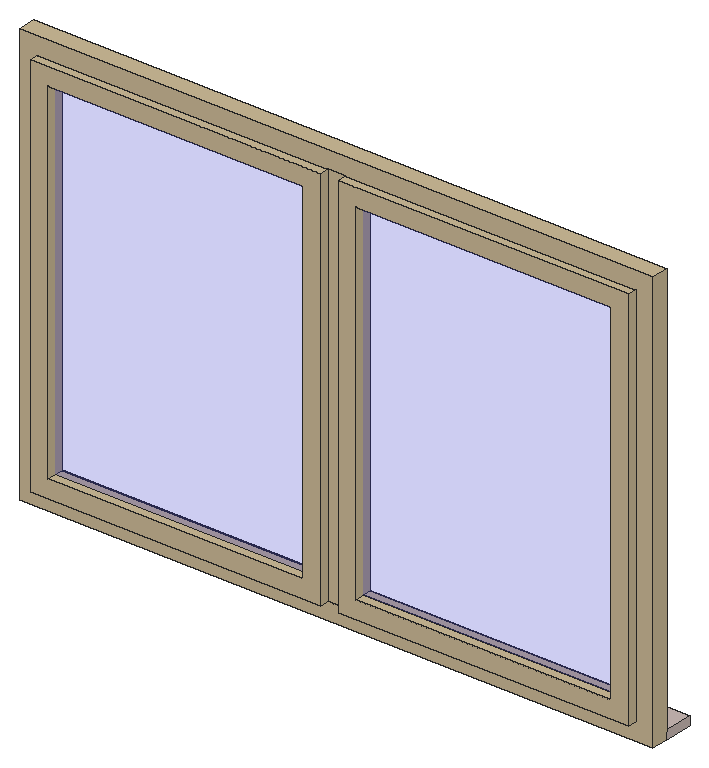
Revit family
Parameters (values of type "1800/1200")
  Operation = "DoublePanelVertical"
  Keynote = "L10/210"
  Height = 120 cm
  Default Sill Height = 80 cm
  Wall Closure = (empty or 0)
  Width = 180 cm
Types (4, lengths in cm): name | Width
  (no name) | 180
  1200/1200 | 120
  1500/1200 | 150
  1800/1200 | 180
Reference planes (cm)
  plane 1: y = 0.05
  plane 2 "Center": x = 0
  plane 3 "Left": x = -90
  plane 4 "Right": x = 90
  plane 5 "Sill": z = 80
  plane 6 "Head": z = 200
  plane 7: y = 2.55
  plane 8: y = -4.95
  plane 9: y = -2.45
  plane 10: z = 190
  plane 11: z = 195
  plane 12: z = 90
  plane 13: z = 85
  plane 14: x = -85
  plane 15: x = -80
  plane 16: x = 80
  plane 17: x = 85
  plane 18: z = 82.5
  plane 19: x = -2.5
  plane 20: x = 2.5
  plane 21: x = -7.5
  plane 22: x = 7.5
  plane 23: x = 43.75
  plane 24: x = -43.75
  plane 25: z = 140
Forms (cm)
  Extrusion 1, solid, material "Default Frame"
    sketch origin (0, 0, 0) x (0, 0, -1) y (1, 0, 0)
      loop
        line (-200, -90) -> (-80, -90) -> (-80, 90) -> (-200, 90) -> (-200, -90)
      loop
        line (-195, -85) -> (-85, -85) -> (-85, 85) -> (-195, 85) -> (-195, -85)
    from -2.55 to 2.45
  Extrusion 2, solid, material "Default Sill", detail levels fine
    sketch origin (0, 0.0519, 0) x (0, 0, -1) y (1, 0, 0)
      loop
        line (-82.5, 90) -> (-82.5, -90) -> (-80, -90) -> (-80, 90) -> (-82.5, 90)
    from -10.4481 to -2.4981
  Extrusion 3, solid, material "Default Frame"
    sketch origin (0, 0, 0) x (0, 0, -1) y (1, 0, 0)
      loop
        line (-195, -85) -> (-85, -85) -> (-85, -2.5) -> (-195, -2.5) -> (-195, -85)
      loop
        line (-190, -80) -> (-90, -80) -> (-90, -7.5) -> (-190, -7.5) -> (-190, -80)
      loop
        line (-195, 2.5) -> (-85, 2.5) -> (-85, 85) -> (-195, 85) -> (-195, 2.5)
      loop
        line (-190, 7.5) -> (-90, 7.5) -> (-90, 80) -> (-190, 80) -> (-190, 7.5)
    from 0 to 4.95
  Extrusion 4, solid, material "Default Frame"
    sketch origin (0, 0, 0) x (0, 0, -1) y (1, 0, 0)
      loop
        line (-195, 2.5) -> (-195, -2.5) -> (-85, -2.5) -> (-85, 2.5) -> (-195, 2.5)
    from -2.55 to 2.45
  Extrusion 5, solid, material "Glass"
    sketch origin (0, 0, 0) x (0, 0, -1) y (1, 0, 0)
      loop
        line (-190, -80) -> (-90, -80) -> (-90, -7.5) -> (-190, -7.5) -> (-190, -80)
      loop
        line (-190, 7.5) -> (-90, 7.5) -> (-90, 80) -> (-190, 80) -> (-190, 7.5)
    from 2.45 to 2.55
Lines and regions (cm)
  Opening 1
    outline origin (350, -7.5, 0) x (1, 0, 0) y (0, 0, 1)
      loop
        line (-260, 80) -> (-260, 200) -> (-440, 200) -> (-440, 80) -> (-260, 80)
  symbolic lines, style "Elevation Swing"
    curve 1: line (85, 0, 195) -> (2.5, 0, 140)
    curve 2: line (2.5, 0, 140) -> (85, 0, 85)
    curve 3: line (-85, 0, 195) -> (-2.5, 0, 140)
    curve 4: line (-2.5, 0, 140) -> (-85, 0, 85)
Text (cm)
  text "EXTERIOR" at (-325.9869, 133.2353, 0), in view "Ref. Level"
  text "INTERIOR" at (-325.9869, -81.8386, 0), in view "Ref. Level"
  text "Exterior" at (0, 92.3751, 416.4757), in view "Right"
  text "Exterior" at (0, 211.3942, 406.8519), in view "Left"
Dimensions and locks (cm)
  equal spacing: plane 3 "Left", plane 2 "Center", plane 4 "Right"
  "Width": plane 3 "Left" to plane 4 "Right"
  "Height": plane 5 "Sill" to plane 6 "Head"
  "Default Sill Height": plane 5 "Sill" to level
  plane 8 to plane 9 to plane 1 to plane 7 = 2.5 cm locked, 2.5 cm locked, 2.5 cm locked
  plane 3 "Left" to plane 14 to plane 15 = 5 cm locked, 5 cm locked
  plane 16 to plane 17 to plane 4 "Right" = 5 cm locked, 5 cm locked
  plane 12 to plane 13 to plane 5 "Sill" = 5 cm locked, 5 cm locked
  plane 6 "Head" to plane 11 to plane 10 = 5 cm locked, 5 cm locked
  locked: plane 5 "Sill" to plane 18 at 2.5
  locked: Extrusion 2 to host wall at 3
  plane 19 to plane 2 "Center" to plane 20 = 2.5 cm locked, 2.5 cm locked
  locked: Extrusion 5 to plane 9 at 0.1
  equal spacing: plane 22, plane 23, plane 16
  equal spacing: plane 15, plane 24, plane 21
  equal spacing: plane 12, plane 25, plane 10
  aligned and locked: Extrusion 1 to plane 7
  aligned and locked: Extrusion 1 to plane 9
  aligned and locked: Extrusion 2 to plane 7
  aligned and locked: Extrusion 3 to host wall
  aligned and locked: Extrusion 4 to plane 7
  aligned and locked: plane 9 to Extrusion 4
Automatic sketch dimensions
  Opening 1 sketch curve to plane 3 "Left" = 0 cm
  Opening 1 sketch curve to plane 4 "Right" = 0 cm
  Opening 1 sketch curve to plane 5 "Sill" = 0 cm
  Opening 1 sketch curve to plane 6 "Head" = 0 cm
  Extrusion 1 sketch curve to plane 4 "Right" = 0 cm
  Extrusion 1 sketch curve to plane 6 "Head" = 0 cm
  Extrusion 1 sketch curve to plane 11 = 0 cm
  Extrusion 1 sketch curve to plane 13 = 0 cm
  Extrusion 1 sketch curve to plane 5 "Sill" = 0 cm
  Extrusion 1 sketch curve to plane 3 "Left" = 0 cm
  Extrusion 1 sketch curve to plane 14 = 0 cm
  Extrusion 1 sketch curve to plane 17 = 0 cm
  Extrusion 2 sketch curve to plane 3 "Left" = 0 cm
  Extrusion 2 sketch curve to plane 18 = 0 cm
  Extrusion 2 sketch curve to plane 4 "Right" = 0 cm
  Extrusion 2 sketch curve to plane 5 "Sill" = 0 cm
  Extrusion 3 sketch curve to plane 11 = 0 cm  (x2)
  Extrusion 3 sketch curve to plane 10 = 0 cm  (x2)
  Extrusion 3 sketch curve to plane 12 = 0 cm  (x2)
  Extrusion 3 sketch curve to plane 13 = 0 cm  (x2)
  Extrusion 3 sketch curve to plane 14 = 0 cm
  Extrusion 3 sketch curve to plane 15 = 0 cm
  Extrusion 3 sketch curve to plane 21 = 0 cm
  Extrusion 3 sketch curve to plane 19 = 0 cm
  Extrusion 3 sketch curve to plane 20 = 0 cm
  Extrusion 3 sketch curve to plane 22 = 0 cm
  Extrusion 3 sketch curve to plane 16 = 0 cm
  Extrusion 3 sketch curve to plane 17 = 0 cm
  Extrusion 4 sketch curve to plane 11 = 0 cm
  Extrusion 4 sketch curve to plane 13 = 0 cm
  Extrusion 4 sketch curve to plane 19 = 0 cm
  Extrusion 4 sketch curve to plane 20 = 0 cm
  Extrusion 5 sketch curve to plane 10 = 0 cm  (x2)
  Extrusion 5 sketch curve to plane 12 = 0 cm  (x2)
  Extrusion 5 sketch curve to plane 15 = 0 cm
  Extrusion 5 sketch curve to plane 21 = 0 cm
  Extrusion 5 sketch curve to plane 22 = 0 cm
  Extrusion 5 sketch curve to plane 16 = 0 cm
  curve 3 to plane 11 = 0 cm
  curve 1 to plane 11 = 0 cm
  curve 4 to plane 19 = 0 cm
  curve 4 to plane 25 = 0 cm
  curve 2 to plane 20 = 0 cm
  curve 2 to plane 25 = 0 cm
  curve 4 to plane 13 = 0 cm
  curve 2 to plane 13 = 0 cm
  curve 3 to plane 14 = 0 cm
  curve 4 to plane 14 = 0 cm
  curve 2 to plane 17 = 0 cm
  curve 1 to plane 17 = 0 cm
